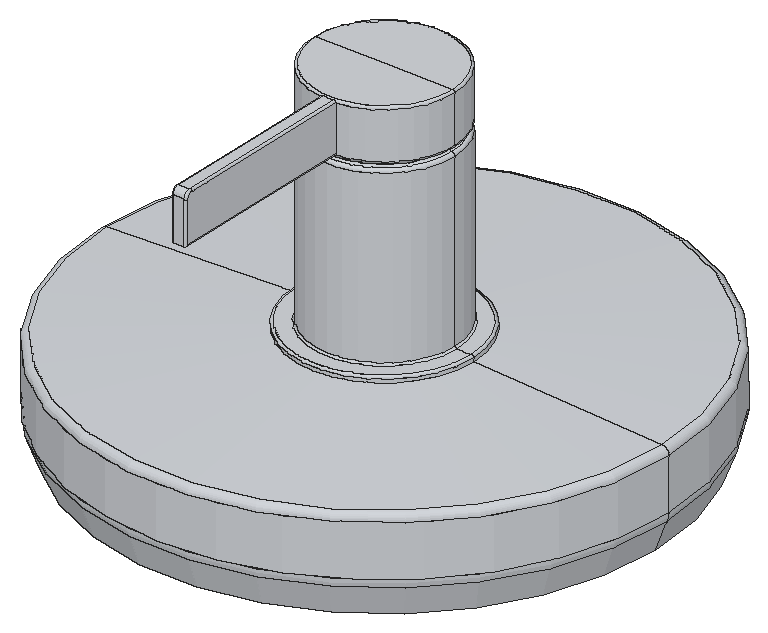
Revit family "Shower-Valve_Trim-KOHLER-Stillness-K-TS950", category Specialty Equipment, host Face, Revit 2015
Parameters (values of type "CP-Polished Chrome")
  Width = 6 3/8"  # constant formula
  WaterSense Certified = 1 = 0  # no
  URL = "https://www.us.kohler.com/us/"
  Type = 1
  Product Page URL = "http://www.us.kohler.com/us/catalog/productDetails.jsp?productNumber=TS950-4"
  Product Name = "Stillness"  # constant formula
  Product Documentation Link = "https://www.us.kohler.com/webassets/kpna/catalog/pdf/en/K-TS950-4_spec.pdf"
  Model = if(Type = 1, "K-TS950-4-CP", if(Type = 2, "K-TS950-4-BN", "NA"))  # "K-TS950-4-CP"
  Material = "Premium Material Construction"  # constant formula
  MasterFormat 2004 = "10.28.13"  # constant formula
  MasterFormat 1995 = "10820"  # constant formula
  Manufacturer Address = "444 Highland Dr, Kohler, WI 53044"  # constant formula
  Manufacturer = "KOHLER Co."  # constant formula
  Length = 3 13/16"  # constant formula
  Height = 6 3/8"  # constant formula
  Handle Clearance = 2 7/8"  # constant formula
  Finish = Kohler-Metal-CP-Polished_Chrome
  Environmental Product Declaration = ""
  Description = "Rite-Temp valve trim with lever handle"  # constant formula
  Default Elevation = 42"
  Declare Label = ""
  Date Modified = "4/23/2019"  # constant formula
  Date Created = "4/23/2019"  # constant formula
  Copyright = "Copyright KOHLER Co."  # constant formula
  Contact Us = "https://www.us.kohler.com/us/static/contact.jsp"
  Assembly Code = "C1030200"
  ADA Compliant = 1 = 1  # yes
Types (3): name | Type | Model | Finish
  (no name) | 1 | "K-TS950-4-CP" | Kohler-Metal-CP-Polished_Chrome
  CP-Polished Chrome | 1 | "K-TS950-4-CP" | Kohler-Metal-CP-Polished_Chrome
  BN-Vibrant Brushed Nickel | 2 | "K-TS950-4-BN" | Kohler-Metal-BN-Vibrant_Brushed_Nickel
Reference planes (in)
  plane 1 "Center (Front/Back)": y = 0
  plane 2: z = 0
  plane 3 "Center (Left/Right)": x = 0
  plane 4: y = 3.1875
  plane 5: y = -3.1875
  plane 6: x = 3.1875
  plane 7: y = -2.875
  plane 8: x = -3.1875
  plane 9: z = 3.8125
Dimensions and locks (in)
  "Height": plane 5 to plane 4
  "Width": plane 8 to plane 6
  "Handle Clearance": plane 1 "Center (Front/Back)" to plane 7
  "Length": plane 9 to level
  aligned and locked: host face to plane 2
  aligned and locked: host face to level
Automatic sketch dimensions
  host sketch curve to host sketch curve = 96"  (x2)
Nested families (in)
  nested 1: "K-TS950" at (0, 0, 0), type "K-TS950"
Definition of nested family "K-TS950"
  Parameters (values of type "K-TS950")
    Material = none
  Reference planes (in)
    plane 1 "Center (Front/Back)": y = 0
    plane 2: z = 0
    plane 3 "Center (Left/Right)": x = 0
    plane 4: z = 3.8125
    plane 5: y = -3.1875
    plane 6: y = 3.1875
    plane 7: y = -2.875
    plane 8: x = 3.1875
    plane 9: x = -3.1875
  Forms (in)
    Revolve 1, solid, material <- "Material", detail levels medium+fine
      sketch origin (0, 0, 0) x (1, 0, 0) y (0, 0, 1)
        loop
          line (3.0448, 0) -> (3.17014, 0.32653)
          arc (3.17014, 0.32653) -> (3.18312, 0.37257) -> (3.1875, 0.4202) r 0.26139
          line (3.1875, 0.4202) -> (3.1875, 0.99149)
          arc (3.1875, 0.99149) -> (3.16534, 1.04785) -> (3.11074, 1.07403) r 0.08275
          arc (3.11074, 1.07403) -> (2.05617, 1.13613) -> (1.0003, 1.16928) r 38.51589
          line (1.0003, 1.16928) -> (1.0003, 1.20473)
          arc (1.0003, 1.20473) -> (0.99274, 1.22297) -> (0.97449, 1.23053) r 0.02581
          line (0.97449, 1.23053) -> (0.80813, 1.23053)
          arc (0.80813, 1.23053) -> (0.79429, 1.23626) -> (0.78856, 1.2501) r 0.01957
          line (0.78856, 1.2501) -> (0.78856, 3.15109)
          arc (0.78856, 3.15109) -> (0.77696, 3.17707) -> (0.74987, 3.18579) r 0.03491
          arc (0.74987, 3.18579) -> (0.73362, 3.19102) -> (0.72666, 3.20661) r 0.02094
          line (0.72666, 3.20661) -> (0.72666, 3.24303) -> (0.76787, 3.24303)
          arc (0.76787, 3.24303) -> (0.78217, 3.24896) -> (0.78809, 3.26326) r 0.02023
          line (0.78809, 3.26326) -> (0.78809, 3.78763)
          arc (0.78809, 3.78763) -> (0.78081, 3.80522) -> (0.76322, 3.8125) r 0.02487
          line (0.76322, 3.8125) -> (0, 3.8125) -> (0, 0) -> (3.0448, 0)
        axis (0, 0) -> (0, 3.8125)
      angle from 0 to 360
    Sweep 2, solid, material <- "Material", detail levels medium+fine
      path origin (0, 0, 0.24609) x (0, 1, 0) y (0, 0, 1)
        loop
          line (-0.76254, 3.50415) -> (-2.79972, 3.50415)
          arc (-2.79972, 3.50415) -> (-2.8141, 3.49819) -> (-2.82006, 3.48381) r 0.02034
          line (-2.82006, 3.48381) -> (-2.82006, 3.06134) -> (-0.76254, 3.06134)
      profile origin (0, -1.78113, 3.75024) x (0, 0, -1) y (1, 0, 0)
        loop
          line (0, 0.07962) -> (-0.0333, 0.07962)
          arc (-0.0333, 0.07962) -> (-0.04825, 0.07343) -> (-0.05445, 0.05848) r 0.02114
          line (-0.05445, 0.05848) -> (-0.05445, -0.05967)
          arc (-0.05445, -0.05967) -> (-0.0486, -0.07378) -> (-0.0345, -0.07962) r 0.01995
          line (-0.0345, -0.07962) -> (0, -0.07962) -> (0, 0.07962)
    Extrusion 3, solid, material <- "Material", detail levels medium+fine
      sketch origin (0, 0, 0.24609) x (0, 1, 0) y (0, 0, 1)
        loop
          line (-0.76254, 3.06134) -> (-0.76254, 3.50415) -> (-2.79972, 3.50415)
          arc (-2.79972, 3.50415) -> (-2.8141, 3.49819) -> (-2.82006, 3.48381) r 0.02034
          line (-2.82006, 3.48381) -> (-2.82006, 3.06134) -> (-0.76254, 3.06134)
      from -0.07962 to 0.07962
    Revolve 4, solid, material <- "Material", detail levels coarse
      sketch origin (0, 0, 0) x (0, 1, 0) y (0, 0, 1)
        loop
          line (0, 0) -> (3.1875, 0) -> (3.1875, 1.24626) -> (0.78856, 1.24626) -> (0.78856, 3.8125) -> (0, 3.8125) -> (0, 0)
        axis (0, 3.8125) -> (0, 0)
      angle from 0 to 360
    Extrusion 5, solid, material <- "Material", detail levels coarse
      sketch origin (0, 0, 0.25) x (0, 1, 0) y (0, 0, 1)
        loop
          line (-0.0535, 2.99303) -> (-0.0535, 3.56201) -> (-2.875, 3.56201) -> (-2.875, 2.99303) -> (-0.0535, 2.99303)
      from -0.07962 to 0.07962
  Cuts and joins
    joined: Revolve 1, Sweep 2, Extrusion 3
    joined: Revolve 4, Extrusion 5
  Lines and regions (in)
    Masking region 1
      outline origin (0, 0, 0) x (1, 0, 0) y (0, 1, 0)
        loop
          arc (-3.1875, 0) -> (-2.2539, -2.2539) -> (0, -3.1875) r 3.1875
          arc (0, -3.1875) -> (2.2539, -2.2539) -> (3.1875, 0) r 3.1875
          arc (3.1875, 0) -> (2.2539, 2.2539) -> (0, 3.1875) r 3.1875
          arc (0, 3.1875) -> (-2.2539, 2.2539) -> (-3.1875, 0) r 3.1875
    Masking region 2
      outline origin (0, 0, 0) x (1, 0, 0) y (0, 0, 1)
        loop
          line (3.0448, 0) -> (3.17014, 0.32653)
          arc (3.17014, 0.32653) -> (3.18312, 0.37257) -> (3.1875, 0.4202) r 0.26139
          line (3.1875, 0.4202) -> (3.1875, 0.99149)
          arc (3.1875, 0.99149) -> (3.16534, 1.04785) -> (3.11074, 1.07403) r 0.08275
          arc (3.11074, 1.07403) -> (2.05617, 1.13613) -> (1.0003, 1.16928) r 38.51589
          line (1.0003, 1.16928) -> (1.0003, 1.20473)
          arc (1.0003, 1.20473) -> (0.99274, 1.22297) -> (0.97449, 1.23053) r 0.02581
          line (0.97449, 1.23053) -> (0.80813, 1.23053)
          arc (0.80813, 1.23053) -> (0.79429, 1.23626) -> (0.78856, 1.2501) r 0.01957
          line (0.78856, 1.2501) -> (0.78856, 3.18553) -> (0.74675, 3.18553)
          arc (0.74675, 3.18553) -> (0.73254, 3.19141) -> (0.72666, 3.20562) r 0.02009
          line (0.72666, 3.20562) -> (0.72666, 3.24303) -> (0.76771, 3.24303)
          arc (0.76771, 3.24303) -> (0.78212, 3.249) -> (0.78809, 3.26342) r 0.02038
          line (0.78809, 3.26342) -> (0.78809, 3.78763)
          arc (0.78809, 3.78763) -> (0.78081, 3.80522) -> (0.76322, 3.8125) r 0.02487
          line (0.76322, 3.8125) -> (-0.76322, 3.8125)
          arc (-0.76322, 3.8125) -> (-0.78081, 3.80522) -> (-0.78809, 3.78763) r 0.02487
          line (-0.78809, 3.78763) -> (-0.78809, 3.26342)
          arc (-0.78809, 3.26342) -> (-0.78212, 3.249) -> (-0.76771, 3.24303) r 0.02038
          line (-0.76771, 3.24303) -> (-0.72666, 3.24303) -> (-0.72666, 3.20562)
          arc (-0.72666, 3.20562) -> (-0.73254, 3.19141) -> (-0.74675, 3.18553) r 0.02009
          line (-0.74675, 3.18553) -> (-0.78856, 3.18553) -> (-0.78856, 1.2501)
          arc (-0.78856, 1.2501) -> (-0.79429, 1.23626) -> (-0.80813, 1.23053) r 0.01957
          line (-0.80813, 1.23053) -> (-0.97449, 1.23053)
          arc (-0.97449, 1.23053) -> (-0.99274, 1.22297) -> (-1.0003, 1.20473) r 0.02581
          line (-1.0003, 1.20473) -> (-1.0003, 1.16928)
          arc (-1.0003, 1.16928) -> (-2.05617, 1.13613) -> (-3.11074, 1.07403) r 38.51589
          arc (-3.11074, 1.07403) -> (-3.16534, 1.04785) -> (-3.1875, 0.99149) r 0.08275
          line (-3.1875, 0.99149) -> (-3.1875, 0.4202)
          arc (-3.1875, 0.4202) -> (-3.18312, 0.37257) -> (-3.17014, 0.32653) r 0.26139
          line (-3.17014, 0.32653) -> (-3.0448, 0) -> (3.0448, 0)
    Masking region 3
      outline origin (0, 0, 0) x (0, 1, 0) y (0, 0, 1)
        loop
          line (3.0448, 0) -> (3.17014, 0.32653)
          arc (3.17014, 0.32653) -> (3.18312, 0.37257) -> (3.1875, 0.4202) r 0.26139
          line (3.1875, 0.4202) -> (3.1875, 0.99149)
          arc (3.1875, 0.99149) -> (3.16534, 1.04785) -> (3.11074, 1.07403) r 0.08275
          arc (3.11074, 1.07403) -> (2.05617, 1.13613) -> (1.0003, 1.16928) r 38.51589
          line (1.0003, 1.16928) -> (1.0003, 1.20473)
          arc (1.0003, 1.20473) -> (0.99274, 1.22297) -> (0.97449, 1.23053) r 0.02581
          line (0.97449, 1.23053) -> (0.80813, 1.23053)
          arc (0.80813, 1.23053) -> (0.79429, 1.23626) -> (0.78856, 1.2501) r 0.01957
          line (0.78856, 1.2501) -> (0.78856, 3.18553) -> (0.74675, 3.18553)
          arc (0.74675, 3.18553) -> (0.73254, 3.19141) -> (0.72666, 3.20562) r 0.02009
          line (0.72666, 3.20562) -> (0.72666, 3.24303) -> (0.76771, 3.24303)
          arc (0.76771, 3.24303) -> (0.78212, 3.249) -> (0.78809, 3.26342) r 0.02038
          line (0.78809, 3.26342) -> (0.78809, 3.78763)
          arc (0.78809, 3.78763) -> (0.78081, 3.80522) -> (0.76322, 3.8125) r 0.02487
          line (0.76322, 3.8125) -> (-2.78557, 3.8125)
          arc (-2.78557, 3.8125) -> (-2.84881, 3.78631) -> (-2.875, 3.72307) r 0.08943
          line (-2.875, 3.72307) -> (-2.875, 3.24303) -> (-0.72666, 3.24303) -> (-0.72666, 3.20562)
          arc (-0.72666, 3.20562) -> (-0.73254, 3.19141) -> (-0.74675, 3.18553) r 0.02009
          line (-0.74675, 3.18553) -> (-0.78856, 3.18553) -> (-0.78856, 1.2501)
          arc (-0.78856, 1.2501) -> (-0.79429, 1.23626) -> (-0.80813, 1.23053) r 0.01957
          line (-0.80813, 1.23053) -> (-0.97449, 1.23053)
          arc (-0.97449, 1.23053) -> (-0.99274, 1.22297) -> (-1.0003, 1.20473) r 0.02581
          line (-1.0003, 1.20473) -> (-1.0003, 1.16928)
          arc (-1.0003, 1.16928) -> (-1.65999, 1.15196) -> (-2.3193, 1.12335) r 38.51589
          arc (-2.3193, 1.12335) -> (-2.71515, 1.10073) -> (-3.11074, 1.07403) r 38.51589
          arc (-3.11074, 1.07403) -> (-3.16534, 1.04785) -> (-3.1875, 0.99149) r 0.08275
          line (-3.1875, 0.99149) -> (-3.1875, 0.4202)
          arc (-3.1875, 0.4202) -> (-3.18312, 0.37257) -> (-3.17014, 0.32653) r 0.26139
          line (-3.17014, 0.32653) -> (-3.0448, 0) -> (3.0448, 0)
    symbolic lines, detail levels medium+fine
      curve 1: circle (0, 0, 0) r 3.11497 normal (0, 0, 1)
      curve 2: arc (0.07962, -0.99712, 0) -> (0, 1.0003, 0) -> (-0.07962, -0.99712, 0) r 1.0003
      curve 3: circle (0, 0, 0) r 0.78856 normal (0, 0, 1)
      curve 4: line (-0.07962, -0.78453, 0) -> (-0.07962, -2.86962, 0)
      curve 5: line (0.07472, -2.875, 0) -> (-0.07424, -2.875, 0)
      curve 6: line (0.07962, -0.78453, 0) -> (0.07962, -2.8701, 0)
      curve 7: arc (-0.07424, -2.875, 0) -> (-0.07804, -2.87342, 0) -> (-0.07962, -2.86962, 0) r 0.00538
      curve 8: arc (0.07962, -2.8701, 0) -> (0.07818, -2.87357, 0) -> (0.07472, -2.875, 0) r 0.0049
      curve 9: line (0.72666, 0, 3.24303) -> (-0.72666, 0, 3.24303)
      curve 10: line (0.74675, 0, 3.18553) -> (-0.74675, 0, 3.18553)
      curve 11: line (0.80813, 0, 1.23053) -> (-0.80813, 0, 1.23053)
      curve 12: line (1.0003, 0, 1.16928) -> (-1.0003, 0, 1.16928)
      curve 13: line (3.11074, 0, 1.07403) -> (-3.11074, 0, 1.07403)
      curve 14: line (3.17014, 0, 0.32653) -> (-3.17014, 0, 0.32653)
      curve 15: line (0, 0.80813, 1.23053) -> (0, -0.80813, 1.23053)
      curve 16: line (0, 1.0003, 1.16928) -> (0, -1.0003, 1.16928)
      curve 17: line (0, 3.11074, 1.07403) -> (0, -3.11074, 1.07403)
      curve 18: line (0, 0.72666, 3.24303) -> (0, -0.78856, 3.24303)
      curve 19: line (0, 0.74675, 3.18553) -> (0, -0.74675, 3.18553)
      curve 20: line (0, 3.17014, 0.32653) -> (0, -3.17014, 0.32653)
      curve 21: line (0, -0.78856, 3.24303) -> (0, -0.78856, 3.8125)
  Dimensions and locks (in)
    plane 4 to level = 3 13/16"
    aligned and locked: plane 2 to level
